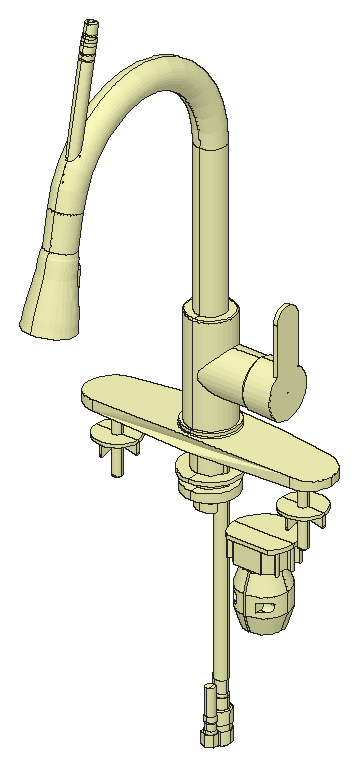
Revit family "S-6710-PD", category Plumbing Fixtures, host Face, Revit 2019
Family settings
  Host = Face
  Round Connector Dimension = Use Diameter
  Part Type = Normal
  OmniClass Number = 23.65.55.00
  OmniClass Title = Distribution of Supplied Liquids/Gases
  Cut with Voids When Loaded = No
  Shared = No
  Room Calculation Point = No
Parameters (values of type "Satin Nickel")
  zz Text 2 = "None Selected"
  zz Text 1 = "None Selected"
  zz Length 9 [instance] = 4.000"  # constant formula
  zz Length 10 [instance] = 0.000"
  URL = "http://www.symmons.com/"
  Product Page URL = "http://www.symmons.com/Bathroom-Products/Dia/Symmons-Dia-Shower-Valve-3500-CYL-B.aspx"
  Product Material = Nickel - Symmons - Satin
  Product Documentation Link = "http://www.symmons.com/~/media/Files/Symmons/Products/Dia/3500CYL_Dia_sub.pdf"
  Part Number [instance] = Model  # "3500-CYL-B-STN"
  Part Description [instance] = Description  # "Shower Valve System with Symmons Temptrol mixing valve, Satin Nickel"
  Model Disclaimer = "Contact Symmons Industries, Inc. For More Information"  # constant formula
  Model = "3500-CYL-B-STN"
  Manufacturer = "Symmons Industries, Inc."  # constant formula
  Family Version = "1.0"  # constant formula
  Equipment Number [instance] = ""
  Equipment Abbreviation = "SVS"
  Description = "Shower Valve System with Symmons Temptrol mixing valve, Satin Nickel"
  Default Elevation = 0.000"  # constant formula
  Date Modified = "January 30, 2015"  # constant formula
  Date Created = "January 30, 2015"  # constant formula
  Copyright = "©2015 Symmons Industries, Inc."  # constant formula
Types (2): name | zz Length 10 | Product Material | Part Number | Part Description | Model | Description
  Chrome | 0.100" | Chrome - Symmons - Polished | "3500-CYL-B" | "Shower Valve System with Symmons Temptrol mixing valve,Chrome" | "3500-CYL-B" | "Shower Valve System with Symmons Temptrol mixing valve,Chrome"
  Satin Nickel | 0.000" | Nickel - Symmons - Satin | "3500-CYL-B-STN" | "Shower Valve System with Symmons Temptrol mixing valve, Satin Nickel" | "3500-CYL-B-STN" | "Shower Valve System with Symmons Temptrol mixing valve, Satin Nickel"
Reference planes (in)
  plane 1 "Center (Front/Back)": y = 0
  plane 2 "Center (Elevation)": z = 0
  plane 3 "Center (Left/Right)": x = 0
  plane 4: x = -2
  plane 5: y = 3.75
  plane 6: y = -3.75
  plane 7: x = 2
  plane 8: z = 0
  plane 9: x = 0.28006
  plane 10: x = -0.28006
  plane 11: y = -5.75
Forms (in)
  Revolve 1, solid, material "Nickel - Symmons - Satin" <- "Product Material"
    sketch origin (0, 0, 0) x (0, 1, 0) y (0, 0, 1)
      loop
        line (0, -2.58752) -> (0, 11.4379) -> (-0.59279, 11.4379) -> (-0.59279, 4.98031) -> (-0.90543, 4.98031)
        arc (-0.90543, 4.98031) -> (-0.93331, 4.96877) -> (-0.94486, 4.94089) r 0.03943
        line (-0.94486, 4.94089) -> (-0.94486, 0.76772) -> (-1.08068, 0.76772) -> (-1.08068, 0.65713)
        arc (-1.08068, 0.65713) -> (-1.09461, 0.61042) -> (-1.11962, 0.56858) r 0.1963
        line (-1.11962, 0.56858) -> (-0.68866, 0.56858) -> (-0.68866, -1.05906) -> (-1.1811, -1.05906) -> (-1.1811, -1.21654) -> (-0.68866, -1.21654) -> (-0.68866, -1.57087) -> (-1.05512, -1.57087) -> (-1.05512, -1.9252) -> (-0.65345, -1.9252) -> (-0.65345, -2.0757) -> (-0.57874, -2.0757) -> (-0.57874, -2.20169) -> (-0.54727, -2.20169) -> (-0.54727, -2.58752) -> (0, -2.58752)
      axis (0, -2.58752) -> (0, 11.4379)
    angle from 0 to 360
  Revolve 2, solid, material "Nickel - Symmons - Satin" <- "Product Material"
    sketch origin (0.03125, 0, 0) x (1, 0, 0) y (0, 0, 1)
      loop
        line (-0.002, 3.81854) -> (-0.002, 2.93273) -> (3.2874, 2.93273) -> (3.2874, 3.88289) -> (2.18307, 3.88289) -> (2.18307, 3.60236) -> (2.10224, 3.60236) -> (2.10224, 3.81854) -> (-0.002, 3.81854)
      axis (-0.002, 2.88097) -> (3.2874, 2.88097)
    angle from 0 to 360
  Extrusion 3, solid, material "Nickel - Symmons - Satin" <- "Product Material"
    sketch origin (0, 0, 0) x (0, 1, 0) y (0, 0, 1)
      loop
        line (0.55118, 3.63941) -> (0.55118, 5.68898)
        arc (0.55118, 5.68898) -> (0, 6.24016) -> (-0.55118, 5.68898) r 0.55118
        line (-0.55118, 5.68898) -> (-0.55118, 3.63941)
        arc (-0.55118, 3.63941) -> (0, 3.81854) -> (0.55118, 3.63941) r 0.93757
    from 3.15736 to 3.31865
  SweptBlend 4, solid, material "Nickel - Symmons - Satin" <- "Product Material"
    path origin (0, 0, 0) x (0, 1, 0) y (0, 0, 1)
      loop
        arc (-0.59279, 11.4379) -> (-3.58407, 14.8363) -> (-7.21654, 12.13408) r 3.34139
    profile origin (0, -0.59279, 11.4379) x (0, -0.999746, 0.02254) y (1, 0, 0)
      loop
        spline (0, 0) -> (-0.02019, 0.15343) -> (-0.0794, 0.2964) -> (-0.17358, 0.41917) -> (-0.29632, 0.51337) -> (-0.43925, 0.57259) -> (-0.59264, 0.59279) -> (-0.74603, 0.57259) -> (-0.88896, 0.51337) -> (-1.0117, 0.41917) -> (-1.10588, 0.2964) -> (-1.16509, 0.15343) -> (-1.18528, 0)
        spline (-1.18528, 0) -> (-1.16509, -0.15343) -> (-1.10588, -0.2964) -> (-1.0117, -0.41917) -> (-0.88896, -0.51337) -> (-0.74603, -0.57259) -> (-0.59264, -0.59279) -> (-0.43925, -0.57259) -> (-0.29632, -0.51337) -> (-0.17358, -0.41917) -> (-0.0794, -0.2964) -> (-0.02019, -0.15343) -> (0, 0)
    end profile origin (0, -7.21654, 12.13408) x (0, 0.982585, -0.185811) y (1, 0, 0)
      loop
        spline (-1.17083, -0.00056) -> (-1.15064, -0.15399) -> (-1.09144, -0.29696) -> (-0.99725, -0.41973) -> (-0.87451, -0.51394) -> (-0.73158, -0.57316) -> (-0.57819, -0.59336) -> (-0.42481, -0.57316) -> (-0.28187, -0.51394) -> (-0.15913, -0.41973) -> (-0.06495, -0.29696) -> (-0.00574, -0.15399) -> (0.01445, -0.00056)
        spline (0.01445, -0.00056) -> (-0.00574, 0.15286) -> (-0.06495, 0.29583) -> (-0.15913, 0.4186) -> (-0.28187, 0.51281) -> (-0.42481, 0.57203) -> (-0.57819, 0.59223) -> (-0.73158, 0.57203) -> (-0.87451, 0.51281) -> (-0.99725, 0.4186) -> (-1.09144, 0.29583) -> (-1.15064, 0.15286) -> (-1.17083, -0.00056)
  Sweep 5, solid, material "Nickel - Symmons - Satin" <- "Product Material"
    path origin (0, 0, 0) x (0, 1, 0) y (0, 0, 1)
      loop
        line (-7.20235, 12.1314) -> (-7.49914, 10.73508)
    profile origin (0, -7.35074, 11.43324) x (0, 0.978148, -0.207912) y (1, 0, 0)
      loop
        spline (-0.00003, -0.00056) -> (-0.0202, 0.15284) -> (-0.0794, 0.2958) -> (-0.17359, 0.41857) -> (-0.29636, 0.51277) -> (-0.43933, 0.57199) -> (-0.59276, 0.59219) -> (-0.74619, 0.57199) -> (-0.88916, 0.51277) -> (-1.01193, 0.41857) -> (-1.10612, 0.2958) -> (-1.16532, 0.15284) -> (-1.18549, -0.00056)
        spline (-1.18549, -0.00056) -> (-1.16532, -0.15397) -> (-1.10612, -0.29693) -> (-1.01193, -0.41969) -> (-0.88916, -0.5139) -> (-0.74619, -0.57312) -> (-0.59276, -0.59332) -> (-0.43933, -0.57312) -> (-0.29636, -0.5139) -> (-0.17359, -0.41969) -> (-0.0794, -0.29693) -> (-0.0202, -0.15397) -> (-0.00003, -0.00056)
  Revolve 6, solid, material "Nickel - Symmons - Satin" <- "Product Material"
    sketch origin (0, -8.07895, 10.85832) x (0, -0.207912, -0.978148) y (0, 0.978148, -0.207912)
      loop
        line (0, 0) -> (0, -0.59273)
        spline (0, -0.59273) -> (0.25102, -0.64908) -> (0.35275, -0.67262) -> (0.49942, -0.67716) -> (0.70895, -0.68245) -> (0.99853, -0.7082) -> (1.36645, -0.76376) -> (1.76623, -0.83389) -> (2.1449, -0.8998) -> (2.45011, -0.94299) -> (2.66129, -0.95968) -> (2.80494, -0.96791) -> (2.91138, -0.98746)
        line (2.91138, -0.98746) -> (2.9682, 0) -> (0, 0)
      axis (2.9682, 0) -> (0, 0)
    angle from 0 to 360
  Extrusion 7, solid, material "Nickel - Symmons - Satin" <- "Product Material"
    sketch origin (0, -7.39346, 10.14692) x (0, -0.147809, -0.989016) y (1, 0, 0)
      loop
        line (0.2979, -0.34311) -> (1.2051, -0.34214)
        arc (1.2051, -0.34214) -> (1.54725, 0) -> (1.2051, 0.34214) r 0.34214
        line (1.2051, 0.34214) -> (0.2979, 0.34311)
        arc (0.2979, 0.34311) -> (-0.04521, 0) -> (0.2979, -0.34311) r 0.34311
    from 0 to 0.43843
  Extrusion 8, solid, material "Nickel - Symmons - Satin" <- "Product Material"
    sketch origin (0, 0, 0) x (1, 0, 0) y (0, 0, 1)
      loop
        line (-5.82432, 0) -> (5.71535, 0) -> (5.71535, 0.30355)
        arc (5.71535, 0.30355) -> (2.84669, 0.50449) -> (-0.02685, 0.61588) r 92.20912
        arc (-0.02685, 0.61588) -> (-2.92808, 0.50299) -> (-5.82432, 0.29882) r 92.21134
        line (-5.82432, 0.29882) -> (-5.82432, 0)
    from -1.77986 to 1.68526
  Extrusion 9, void
    sketch origin (0, 0, 0) x (1, 0, 0) y (0, 1, 0)
      loop
        line (-5.22514, 0) -> (-6.07432, 0) -> (-6.07432, -2.25) -> (6.17568, -2.25) -> (6.17568, 0) -> (5.22514, 0)
        arc (5.22514, 0) -> (4.93851, -0.71831) -> (4.22529, -1.01737) r 1
        spline (4.22529, -1.01737) -> (3.51697, -1.08565) -> (2.8094, -1.14152) -> (2.10258, -1.18497) -> (1.3965, -1.216) -> (0.69116, -1.23462) -> (-0.01342, -1.24083) -> (-0.71727, -1.23462) -> (-1.42036, -1.216) -> (-2.12271, -1.18497) -> (-2.82432, -1.14152) -> (-3.52518, -1.08565) -> (-4.22529, -1.01737)
        arc (-4.22529, -1.01737) -> (-4.93851, -0.71831) -> (-5.22514, 0) r 1
    from 0 to 12
  Extrusion 10, void
    sketch origin (0, 0, 0) x (1, 0, 0) y (0, 1, 0)
      loop
        arc (-5.22514, 0) -> (-4.93851, 0.71831) -> (-4.22529, 1.01737) r 1
        spline (-4.22529, 1.01737) -> (-3.52518, 1.08565) -> (-2.82432, 1.14152) -> (-2.12271, 1.18497) -> (-1.42036, 1.216) -> (-0.71727, 1.23462) -> (-0.01342, 1.24083) -> (0.69116, 1.23462) -> (1.3965, 1.216) -> (2.10258, 1.18497) -> (2.8094, 1.14152) -> (3.51697, 1.08565) -> (4.22529, 1.01737)
        arc (4.22529, 1.01737) -> (4.93851, 0.71831) -> (5.22514, 0) r 1
        line (5.22514, 0) -> (6.17568, 0) -> (6.17568, 2.25) -> (-6.07432, 2.25) -> (-6.07432, 0) -> (-5.22514, 0)
    from 0 to 12
  Revolve 11, solid, material "Nickel - Symmons - Satin" <- "Product Material"
    sketch origin (0, 0, 0) x (1, 0, 0) y (0, 0, 1)
      loop
        line (-3.80612, -1.16142) -> (-3.80612, 0.33465) -> (-4.00006, 0.33465) -> (-4.00006, -2.81496) -> (-3.84258, -2.81496) -> (-3.80612, -2.7785) -> (-3.80612, -1.58268) -> (-3.72094, -1.58268)
        arc (-3.72094, -1.58268) -> (-3.709, -1.55421) -> (-3.70493, -1.52362) r 0.11691
        line (-3.70493, -1.52362) -> (-3.70493, -1.43701) -> (-3.54337, -1.43701)
        arc (-3.54337, -1.43701) -> (-3.4348, -1.39204) -> (-3.38983, -1.28346) r 0.15354
        line (-3.38983, -1.28346) -> (-3.10636, -1.28346) -> (-3.10636, -1.16142) -> (-3.80612, -1.16142)
      axis (-4.00006, -2.81496) -> (-4.00006, 0.33465)
    angle from 0 to 360
  Extrusion 12, solid, material "Nickel - Symmons - Satin" <- "Product Material"
    sketch origin (0, 0, 0) x (1, 0, 0) y (0, 0, 1)
      loop
        line (-3.10636, -1.28346) -> (-4.89376, -1.28346) -> (-4.88651, -1.69898)
        arc (-4.88651, -1.69898) -> (-4.8748, -1.72725) -> (-4.84653, -1.73896) r 0.03998
        line (-4.84653, -1.73896) -> (-4.27919, -1.58268) -> (-3.72094, -1.58268) -> (-3.1536, -1.73896)
        arc (-3.1536, -1.73896) -> (-3.12533, -1.72725) -> (-3.11361, -1.69898) r 0.03998
        line (-3.11361, -1.69898) -> (-3.10636, -1.28346)
    from 0.05512 to -0.05512
  Extrusion 13, solid, material "Nickel - Symmons - Satin" <- "Product Material"
    sketch origin (-4.00006, -4.00006, 0) x (0, -1, 0) y (0, 0, 1)
      loop
        line (-3.10636, -1.28346) -> (-4.89376, -1.28346) -> (-4.88651, -1.69898)
        arc (-4.88651, -1.69898) -> (-4.8748, -1.72725) -> (-4.84653, -1.73896) r 0.03998
        line (-4.84653, -1.73896) -> (-4.27919, -1.58268) -> (-3.72094, -1.58268) -> (-3.1536, -1.73896)
        arc (-3.1536, -1.73896) -> (-3.12533, -1.72725) -> (-3.11361, -1.69898) r 0.03998
        line (-3.11361, -1.69898) -> (-3.10636, -1.28346)
    from 0.05512 to -0.05512
  Revolve 14, solid, material "Nickel - Symmons - Satin" <- "Product Material"
    sketch origin (0, 0, 0) x (-1, 0, 0) y (0, 0, 1)
      loop
        line (-3.80612, -1.16142) -> (-3.80612, 0.33465) -> (-4.00006, 0.33465) -> (-4.00006, -2.81496) -> (-3.84258, -2.81496) -> (-3.80612, -2.7785) -> (-3.80612, -1.58268) -> (-3.72094, -1.58268)
        arc (-3.72094, -1.58268) -> (-3.709, -1.55421) -> (-3.70493, -1.52362) r 0.11691
        line (-3.70493, -1.52362) -> (-3.70493, -1.43701) -> (-3.54337, -1.43701)
        arc (-3.54337, -1.43701) -> (-3.4348, -1.39204) -> (-3.38983, -1.28346) r 0.15354
        line (-3.38983, -1.28346) -> (-3.10636, -1.28346) -> (-3.10636, -1.16142) -> (-3.80612, -1.16142)
      axis (-4.00006, -2.81496) -> (-4.00006, 0.33465)
    angle from 0 to 360
  Extrusion 15, solid, material "Nickel - Symmons - Satin" <- "Product Material"
    sketch origin (0, 0, 0) x (-1, 0, 0) y (0, 0, -1)
      loop
        line (-3.10636, 1.28346) -> (-3.11361, 1.69898)
        arc (-3.11361, 1.69898) -> (-3.12533, 1.72725) -> (-3.1536, 1.73896) r 0.03998
        line (-3.1536, 1.73896) -> (-3.72094, 1.58268) -> (-4.27919, 1.58268) -> (-4.84653, 1.73896)
        arc (-4.84653, 1.73896) -> (-4.8748, 1.72725) -> (-4.88651, 1.69898) r 0.03998
        line (-4.88651, 1.69898) -> (-4.89376, 1.28346) -> (-3.10636, 1.28346)
    from 0.05512 to -0.05512
  Extrusion 16, solid, material "Nickel - Symmons - Satin" <- "Product Material"
    sketch origin (4.00006, -4.00006, 0) x (0, -1, 0) y (0, 0, -1)
      loop
        line (-3.10636, 1.28346) -> (-3.11361, 1.69898)
        arc (-3.11361, 1.69898) -> (-3.12533, 1.72725) -> (-3.1536, 1.73896) r 0.03998
        line (-3.1536, 1.73896) -> (-3.72094, 1.58268) -> (-4.27919, 1.58268) -> (-4.84653, 1.73896)
        arc (-4.84653, 1.73896) -> (-4.8748, 1.72725) -> (-4.88651, 1.69898) r 0.03998
        line (-4.88651, 1.69898) -> (-4.89376, 1.28346) -> (-3.10636, 1.28346)
    from 0.05512 to -0.05512
  Revolve 17, solid, material "Nickel - Symmons - Satin" <- "Product Material"
    sketch origin (0, 0, 0) x (1, 0, 0) y (0, 0, 1)
      loop
        line (0.72747, -9.0374) -> (0.72747, 1.3761) -> (0.68822, 1.41535) -> (0.47244, 1.41535) -> (0.47244, -11.55709) -> (0.72726, -11.55709) -> (0.72726, -11.46424) -> (0.85676, -11.46424) -> (0.85676, -10.96424) -> (0.81299, -10.96424) -> (0.81299, -10.71063) -> (0.85256, -10.70131) -> (0.85256, -10.20131) -> (0.8107, -10.15945) -> (0.73011, -10.15945) -> (0.73011, -9.74701) -> (0.69773, -9.71463)
        arc (0.69773, -9.71463) -> (0.71933, -9.65145) -> (0.68211, -9.59602) r 0.07515
        line (0.68211, -9.59602) -> (0.68211, -9.0374) -> (0.72747, -9.0374)
      axis (0.47244, -11.55709) -> (0.47244, 1.41535)
    angle from 0 to 360
  Revolve 18, solid, material "Nickel - Symmons - Satin" <- "Product Material"
    sketch origin (0, -8.07895, 10.85832) x (0, -0.207912, -0.978148) y (0, 0.978148, -0.207912)
      loop
        line (20.0557, 12.96516) -> (19.99022, 13.27323) -> (19.54351, 13.17828) -> (19.56389, 13.0824)
        arc (19.56389, 13.0824) -> (19.49841, 13.08752) -> (19.45404, 13.03909) r 0.07494
        line (19.45404, 13.03909) -> (19.18194, 12.98125)
        arc (19.18194, 12.98125) -> (19.15121, 12.98857) -> (19.11968, 12.98663) r 0.1073
        line (19.11968, 12.98663) -> (18.92875, 12.94604) -> (18.93569, 12.91338) -> (17.86248, 12.68526) -> (17.90037, 12.50702) -> (20.0557, 12.96516)
      axis (20.0557, 12.96516) -> (17.90037, 12.50702)
    angle from 0 to 360
  Extrusion 19, void
    sketch origin (0, 0, 0) x (1, 0, 0) y (0, 1, 0)
      loop
        circle (0, 0.43307) r 0.34978
      loop
        line (0.27191, 0.59006) -> (0, 0.74704) -> (-0.27191, 0.59006) -> (-0.27191, 0.27608) -> (0, 0.1191) -> (0.27191, 0.27608) -> (0.27191, 0.59006)
    from -11.55709 to -10.96424
  Revolve 20, solid, material "Nickel - Symmons - Satin" <- "Product Material"
    sketch origin (0.35421, -8.95565, 10.85832) x (0, -0.207912, -0.978148) y (0, 0.978148, -0.207912)
      loop
        line (20.0557, 12.96516) -> (19.99022, 13.27323) -> (19.54351, 13.17828) -> (19.56389, 13.0824)
        arc (19.56389, 13.0824) -> (19.49841, 13.08752) -> (19.45404, 13.03909) r 0.07494
        line (19.45404, 13.03909) -> (19.18194, 12.98125)
        arc (19.18194, 12.98125) -> (19.15121, 12.98857) -> (19.11968, 12.98663) r 0.1073
        line (19.11968, 12.98663) -> (18.92875, 12.94604) -> (18.93569, 12.91338) -> (17.86248, 12.68526) -> (17.90037, 12.50702) -> (20.0557, 12.96516)
      axis (20.0557, 12.96516) -> (17.90037, 12.50702)
    angle from 0 to 360
  Extrusion 21, void
    sketch origin (0.35421, -0.8767, 0) x (1, 0, 0) y (0, 1, 0)
      loop
        circle (0, 0.43307) r 0.34978
      loop
        line (0.27191, 0.59006) -> (0, 0.74704) -> (-0.27191, 0.59006) -> (-0.27191, 0.27608) -> (0, 0.1191) -> (0.27191, 0.27608) -> (0.27191, 0.59006)
    from -11.55709 to -10.96424
  Revolve 22, solid, material "Nickel - Symmons - Satin" <- "Product Material"
    sketch origin (0, 0, 0) x (1, 0, 0) y (0, 0, 1)
      loop
        line (2.29772, -2.84166) -> (2.29772, -3.86529) -> (2.96395, -3.86529) -> (2.96395, -2.99914) -> (3.56741, -2.99914) -> (3.56741, -2.84166) -> (2.29772, -2.84166)
      axis (2.29772, -3.86529) -> (2.29772, -2.84166)
    angle from 0 to 360
  Revolve 23, solid, material "Nickel - Symmons - Satin" <- "Product Material"
    sketch origin (0, 0, 0) x (1, 0, 0) y (0, 0, 1)
      loop
        line (2.29772, -6.32592) -> (3.07528, -6.32592) -> (3.31806, -5.5794) -> (3.31806, -4.76997) -> (3.07528, -4.02277) -> (2.29772, -4.02277) -> (2.29772, -6.32592)
      axis (2.29772, -6.32592) -> (2.29772, -4.02277)
    angle from 0 to 360
  Extrusion 24, void
    sketch origin (0, 0, 0) x (1, 0, 0) y (0, 0, 1)
      loop
        line (2.33709, -6.38842) -> (2.33709, -3.96027) -> (2.25835, -3.96027) -> (2.25835, -6.38842) -> (2.33709, -6.38842)
    from -1.52666 to 1.68895
  Extrusion 25, void
    sketch origin (0, -8.07895, 10.85832) x (0, 0.207912, 0.978148) y (0, 0.978148, -0.207912)
      loop
        line (-14.00092, 12.19051) -> (-14.04781, 11.96989)
        arc (-14.04781, 11.96989) -> (-13.89619, 11.73641) -> (-13.66271, 11.88803) r 0.19685
        line (-13.66271, 11.88803) -> (-13.61582, 12.10865) -> (-14.00092, 12.19051)
      loop
        line (-14.38938, 10.36291) -> (-14.00429, 10.28106) -> (-13.95739, 10.50168)
        arc (-13.95739, 10.50168) -> (-14.10901, 10.73516) -> (-14.34249, 10.58353) r 0.19685
        line (-14.34249, 10.58353) -> (-14.38938, 10.36291)
    from -1.90402 to -1.18813
  Extrusion 26, void
    sketch origin (0, -8.07895, 10.85832) x (0, 0.207912, 0.978148) y (0, 0.978148, -0.207912)
      loop
        line (-14.00092, 12.19051) -> (-14.04781, 11.96989)
        arc (-14.04781, 11.96989) -> (-13.89619, 11.73641) -> (-13.66271, 11.88803) r 0.19685
        line (-13.66271, 11.88803) -> (-13.61582, 12.10865) -> (-14.00092, 12.19051)
      loop
        line (-14.38938, 10.36291) -> (-14.00429, 10.28106) -> (-13.95739, 10.50168)
        arc (-13.95739, 10.50168) -> (-14.10901, 10.73516) -> (-14.34249, 10.58353) r 0.19685
        line (-14.34249, 10.58353) -> (-14.38938, 10.36291)
    from -3.40732 to -2.69142
  Extrusion 27, void
    sketch origin (0, 0, 0) x (1, 0, 0) y (0, 1, 0)
      loop
        line (3.40556, -0.90157) -> (1.18989, -0.90157)
        arc (1.18989, -0.90157) -> (2.29772, -1.55094) -> (3.40556, -0.90157) r 1.26969
    from -3.86529 to -2.58752
  Extrusion 28, solid, material "Nickel - Symmons - Satin" <- "Product Material"
    sketch origin (0, 0, 0) x (1, 0, 0) y (0, 1, 0)
      loop
        line (2.35678, 1.02887) -> (2.35678, 1.21201)
        arc (2.35678, 1.21201) -> (2.29772, 1.27107) -> (2.23867, 1.21201) r 0.05906
        line (2.23867, 1.21201) -> (2.23867, 1.0296)
        arc (2.23867, 1.0296) -> (2.03157, 0.9978) -> (1.83511, 0.92494) r 1.03479
        line (1.83511, 0.92494) -> (1.74393, 1.08287)
        arc (1.74393, 1.08287) -> (1.66326, 1.10449) -> (1.64164, 1.02382) r 0.05906
        line (1.64164, 1.02382) -> (1.73224, 0.86689)
        arc (1.73224, 0.86689) -> (1.56495, 0.73314) -> (1.42879, 0.5678) r 1.03479
        line (1.42879, 0.5678) -> (1.27245, 0.65639)
        arc (1.27245, 0.65639) -> (1.19195, 0.63412) -> (1.21422, 0.55363) r 0.05906
        line (1.21422, 0.55363) -> (1.36926, 0.46578)
        arc (1.36926, 0.46578) -> (1.29299, 0.26834) -> (1.2585, 0.05952) r 1.03479
        line (1.2585, 0.05952) -> (1.08268, 0.05952)
        arc (1.08268, 0.05952) -> (1.02411, -0.00001) -> (1.08364, -0.05859) r 0.05906
        line (1.08364, -0.05859) -> (1.258, -0.05859)
        arc (1.258, -0.05859) -> (1.291, -0.26863) -> (1.36624, -0.46749) r 1.03479
        line (1.36624, -0.46749) -> (1.21422, -0.55363)
        arc (1.21422, -0.55363) -> (1.19195, -0.63412) -> (1.27245, -0.65639) r 0.05906
        line (1.27245, -0.65639) -> (1.4251, -0.56989)
        arc (1.4251, -0.56989) -> (1.5612, -0.73711) -> (1.729, -0.8725) r 1.03479
        line (1.729, -0.8725) -> (1.64164, -1.02382)
        arc (1.64164, -1.02382) -> (1.66326, -1.10449) -> (1.74393, -1.08287) r 0.05906
        line (1.74393, -1.08287) -> (1.83165, -0.93092)
        arc (1.83165, -0.93092) -> (2.0297, -1.00501) -> (2.23867, -1.03729) r 1.03479
        line (2.23867, -1.03729) -> (2.23867, -1.21201)
        arc (2.23867, -1.21201) -> (2.29772, -1.27107) -> (2.35678, -1.21201) r 0.05906
        line (2.35678, -1.21201) -> (2.35678, -1.03656)
        arc (2.35678, -1.03656) -> (2.56451, -1.00193) -> (2.76092, -0.92595) r 1.03479
        line (2.76092, -0.92595) -> (2.85152, -1.08287)
        arc (2.85152, -1.08287) -> (2.93219, -1.10449) -> (2.95381, -1.02382) r 0.05906
        line (2.95381, -1.02382) -> (2.86294, -0.86643)
        arc (2.86294, -0.86643) -> (3.02761, -0.73096) -> (3.16101, -0.5646) r 1.03479
        line (3.16101, -0.5646) -> (3.323, -0.65639)
        arc (3.323, -0.65639) -> (3.40349, -0.63412) -> (3.38123, -0.55363) r 0.05906
        line (3.38123, -0.55363) -> (3.21925, -0.46185)
        arc (3.21925, -0.46185) -> (3.29248, -0.26558) -> (3.32467, -0.05859) r 1.03479
        line (3.32467, -0.05859) -> (3.49904, -0.05859)
        arc (3.49904, -0.05859) -> (3.55857, -0.00001) -> (3.49999, 0.05952) r 0.05906
        line (3.49999, 0.05952) -> (3.32418, 0.05952)
        arc (3.32418, 0.05952) -> (3.29051, 0.2653) -> (3.21626, 0.46015) r 1.03479
        line (3.21626, 0.46015) -> (3.38123, 0.55363)
        arc (3.38123, 0.55363) -> (3.40349, 0.63412) -> (3.323, 0.65639) r 0.05906
        line (3.323, 0.65639) -> (3.15736, 0.56253)
        arc (3.15736, 0.56253) -> (3.02389, 0.72701) -> (2.85972, 0.86086) r 1.03479
        line (2.85972, 0.86086) -> (2.95381, 1.02382)
        arc (2.95381, 1.02382) -> (2.93219, 1.10449) -> (2.85152, 1.08287) r 0.05906
        line (2.85152, 1.08287) -> (2.75748, 0.92)
        arc (2.75748, 0.92) -> (2.56265, 0.99474) -> (2.35678, 1.02887) r 1.03479
      loop
        circle (2.29134, -0.00385) r 0.78501
    from -3.86529 to -2.99914
  Revolve 29, solid, material "Nickel - Symmons - Satin" <- "Product Material"
    sketch origin (0, -6.38826, 18.84072) x (0, -0.207912, -0.978148) y (0, 0.978148, -0.207912)
      loop
        line (0, 0) -> (0, -0.15748)
        arc (0, -0.15748) -> (0.01173, -0.19278) -> (0.04224, -0.21404) r 0.05898
        line (0.04224, -0.21404) -> (0.41127, -0.21404)
        arc (0.41127, -0.21404) -> (0.43091, -0.2239) -> (0.45276, -0.22638) r 0.06264
        line (0.45276, -0.22638) -> (0.45276, -0.18663) -> (0.58661, -0.18663) -> (0.58661, -0.24999) -> (0.67951, -0.24999)
        arc (0.67951, -0.24999) -> (0.74308, -0.25908) -> (0.80664, -0.24999) r 0.22681
        line (0.80664, -0.24999) -> (1.07816, -0.24999) -> (1.14591, -0.25687) -> (1.3189, -0.25687) -> (1.34671, -0.2427) -> (5.96457, -0.2427) -> (5.96457, -0.27678) -> (6.12728, -0.27678)
        arc (6.12728, -0.27678) -> (6.14892, -0.2636) -> (6.15986, -0.24076) r 0.04452
        line (6.15986, -0.24076) -> (6.46442, -0.24076)
        arc (6.46442, -0.24076) -> (6.48044, -0.25177) -> (6.49949, -0.25564) r 0.04876
        line (6.49949, -0.25564) -> (6.56219, -0.25564)
        arc (6.56219, -0.25564) -> (6.58408, -0.25071) -> (6.60173, -0.23685) r 0.051
        line (6.60173, -0.23685) -> (6.65354, -0.23685) -> (6.65354, -0.14401) -> (7.02756, -0.14401) -> (7.02756, 0) -> (0, 0)
      axis (7.02756, 0) -> (0, 0)
    angle from 0 to 360
Cuts and joins
  Extrusion 19 cuts Revolve 2
  Extrusion 19 cuts Extrusion 3
  Extrusion 9, Extrusion 10, Extrusion 19, Extrusion 27 cuts Extrusion 8
  joined: Revolve 1, Revolve 2, Extrusion 3, Extrusion 8, Revolve 11, Revolve 14
  Extrusion 19 cuts SweptBlend 4
  Extrusion 19, Extrusion 21 cuts Revolve 18
  Extrusion 21 cuts Revolve 17
  Extrusion 21 cuts Revolve 20
  Extrusion 24, Extrusion 25, Extrusion 26 cuts Revolve 23
  Extrusion 27 cuts Revolve 22
  Extrusion 27 cuts Extrusion 28
  joined: Sweep 5, Revolve 6, Revolve 29
Lines and regions (in)
  reference lines
    curve 1: line (0, -8.07895, 10.85832) -> (0, -8.70268, 7.92388)
    curve 2: line (0, -7.39346, 10.14692) -> (0, -7.61913, 8.6369)
    curve 3: line (0, -6.38826, 18.84072) -> (0, -8.15551, 10.52647)
Dimensions and locks (in)
  equal spacing: plane 4, plane 3 "Center (Left/Right)", plane 7
  "zz Length 9": plane 4 to plane 7
  equal spacing: plane 5, plane 1 "Center (Front/Back)", plane 6
  locked: plane 5 to plane 6 at 7.5
  equal spacing: plane 10, plane 3 "Center (Left/Right)", plane 9
  locked: plane 10 to plane 9 at 0.56011
  locked: plane 6 to plane 11 at 2
  aligned and locked: plane 2 "Center (Elevation)" to host face
  aligned and locked: level to host face
Automatic sketch dimensions
  host sketch curve to host sketch curve = 4.000"  (x2)
  Revolve 1 sketch curve to plane 1 "Center (Front/Back)" = 0.000"  (x2)
  plane 1 "Center (Front/Back)" to Revolve 1 sketch curve = 0.54727"
  Revolve 1 sketch curve to Revolve 1 sketch curve = 0.03147"
  plane 1 "Center (Front/Back)" to Revolve 1 sketch curve = 0.59279"
  Revolve 1 sketch curve to Revolve 1 sketch curve = 0.07471"
  plane 1 "Center (Front/Back)" to Revolve 1 sketch curve = 0.68866"
  Revolve 1 sketch curve to Revolve 1 sketch curve = 0.03521"
  Revolve 1 sketch curve to Revolve 1 sketch curve = 0.31264"
  Revolve 1 sketch curve to Revolve 1 sketch curve = 0.2562"
  Revolve 1 sketch curve to Revolve 1 sketch curve = 0.36646"
  Revolve 1 sketch curve to Revolve 1 sketch curve = 0.13582"
  Revolve 1 sketch curve to Revolve 1 sketch curve = 0.03894"
  Revolve 1 sketch curve to Revolve 1 sketch curve = 0.12598"  (x2)
  Revolve 1 sketch curve to Revolve 1 sketch curve = 0.15468"
  Revolve 1 sketch curve to level = 2.58752"
  Revolve 1 sketch curve to Revolve 1 sketch curve = 0.38583"
  Revolve 1 sketch curve to Revolve 1 sketch curve = 0.15051"
  Revolve 1 sketch curve to Revolve 1 sketch curve = 0.35433"  (x2)
  Revolve 1 sketch curve to Revolve 1 sketch curve = 0.15748"
  level to Revolve 1 sketch curve = 0.56858"
  Revolve 1 sketch curve to Revolve 1 sketch curve = 0.08855"
  Revolve 1 sketch curve to Revolve 1 sketch curve = 0.11059"
  Revolve 1 sketch curve to Revolve 1 sketch curve = 4.17317"
  Revolve 1 sketch curve to Revolve 1 sketch curve = 6.45758"
  Revolve 1 sketch curve to Revolve 1 sketch curve = 0.750"
  Revolve 1 sketch curve to Revolve 1 sketch curve = 3.750"
  plane 3 "Center (Left/Right)" to Revolve 2 sketch curve = 0.02925"
  plane 7 to Revolve 2 sketch curve = 0.13349"
  Revolve 2 sketch curve to Revolve 2 sketch curve = 0.08083"
  Revolve 2 sketch curve to Revolve 2 sketch curve = 1.10433"
  level to Revolve 2 sketch curve = 2.93273"
  Revolve 2 sketch curve to Revolve 2 sketch curve = 0.66963"
  Revolve 2 sketch curve to Revolve 2 sketch curve = 0.21618"
  Revolve 2 sketch curve to Revolve 2 sketch curve = 0.95016"
  Revolve 2 sketch curve to Revolve 2 sketch curve = 0.250"
  Revolve 2 sketch curve to Revolve 2 sketch curve = 0.87545"
  Revolve 2 sketch curve to Revolve 2 sketch curve = 0.05176"
  Extrusion 3 sketch curve to plane 1 "Center (Front/Back)" = 0.000"  (x2)
  plane 1 "Center (Front/Back)" to Extrusion 3 sketch curve = 0.55118"
  level to Extrusion 3 sketch curve = 2.88097"
  Extrusion 3 sketch curve to Extrusion 3 sketch curve = 0.75844"
  Extrusion 3 sketch curve to Extrusion 3 sketch curve = 2.04956"
  SweptBlend 4 sketch curve to plane 6 = 0.18334"
  level to SweptBlend 4 sketch curve = 11.51321"
  SweptBlend 4 sketch curve to plane 11 = 1.46654"
  plane 1 "Center (Front/Back)" to SweptBlend 4 sketch curve = 0.59279"
  SweptBlend 4 sketch curve to SweptBlend 4 sketch curve = 0.07532"
  SweptBlend 4 sketch curve to profile plane = 0.000"  (x2)
  SweptBlend 4 sketch curve to SweptBlend 4 sketch curve = 0.59264"
  profile plane to SweptBlend 4 sketch curve = 0.59279"
  SweptBlend 4 sketch curve to SweptBlend 4 sketch curve = 0.000"  (x2)
  SweptBlend 4 sketch curve to profile plane = 0.00056"
  profile plane to SweptBlend 4 sketch curve = 1.17083"
  profile plane to SweptBlend 4 sketch curve = 0.57819"
  profile plane to SweptBlend 4 sketch curve = 0.59223"
  Sweep 5 sketch curve to plane 11 = 1.74914"
  level to Sweep 5 sketch curve = 10.73508"
  Sweep 5 sketch curve to Sweep 5 sketch curve = 0.2968"
  Sweep 5 sketch curve to Sweep 5 sketch curve = 1.39632"
  Sweep 5 sketch curve to plane 3 "Center (Left/Right)" = 0.00056"  (x2)
  profile plane to Sweep 5 sketch curve = 1.18549"
  profile plane to Sweep 5 sketch curve = 0.59276"
  Sweep 5 sketch curve to Sweep 5 sketch curve = 0.000"
  Sweep 5 sketch curve to plane 3 "Center (Left/Right)" = 0.00071"
  Sweep 5 sketch curve to Sweep 5 sketch curve = 0.59232"
  Sweep 5 sketch curve to Sweep 5 sketch curve = 0.00029"
  curve 1 to plane 11 = 2.95268"
  level to curve 1 = 7.92388"
  curve 1 to plane 11 = 2.32895"
  curve 1 to curve 1 = 2.93444"
  curve 1 to Revolve 6 sketch curve = 0.000"
  Revolve 6 sketch curve to curve 1 = 0.000"  (x2)
  Revolve 6 sketch curve to curve 1 = 0.59273"
  Revolve 6 sketch curve to curve 1 = 0.08862"
  Revolve 6 sketch curve to curve 1 = 0.0318"
  Revolve 6 sketch curve to curve 1 = 0.98746"
  Revolve 6 sketch curve to curve 1 = 0.56629"
  curve 1 to Revolve 6 sketch curve = 0.10036"
  curve 2 to Extrusion 7 sketch curve = 0.2979"
  Extrusion 7 sketch curve to curve 2 = 0.32169"
  Extrusion 7 sketch curve to curve 2 = 0.34311"
  Extrusion 7 sketch curve to curve 2 = 0.34214"
  Extrusion 7 sketch curve to curve 2 = 0.000"  (x2)
  Extrusion 8 sketch curve to level = 0.000"
  Extrusion 8 sketch curve to plane 4 = 3.82432"
  Extrusion 8 sketch curve to plane 4 = 0.16123"
  plane 7 to Extrusion 8 sketch curve = 0.10733"
  level to Extrusion 8 sketch curve = 0.30355"
  plane 7 to Extrusion 8 sketch curve = 3.71535"
  Extrusion 8 sketch curve to level = 91.56854"
  Extrusion 8 sketch curve to Extrusion 8 sketch curve = 0.00223"
  Extrusion 8 sketch curve to Extrusion 8 sketch curve = 0.29882"
  plane 1 "Center (Front/Back)" to Extrusion 9 sketch curve = 0.000"  (x2)
  Extrusion 9 sketch curve to plane 4 = 4.07432"
  Extrusion 9 sketch curve to Extrusion 9 sketch curve = 0.84918"
  Extrusion 9 sketch curve to Extrusion 9 sketch curve = 0.99985"  (x2)
  plane 1 "Center (Front/Back)" to Extrusion 9 sketch curve = 1.01737"
  plane 7 to Extrusion 9 sketch curve = 2.22529"
  Extrusion 9 sketch curve to Extrusion 9 sketch curve = 1.95039"
  plane 6 to Extrusion 9 sketch curve = 1.500"
  plane 1 "Center (Front/Back)" to Extrusion 10 sketch curve = 0.000"  (x2)
  Extrusion 10 sketch curve to plane 4 = 4.07432"
  Extrusion 10 sketch curve to Extrusion 10 sketch curve = 0.84918"
  Extrusion 10 sketch curve to Extrusion 10 sketch curve = 0.99985"  (x2)
  Extrusion 10 sketch curve to plane 1 "Center (Front/Back)" = 1.01737"
  plane 7 to Extrusion 10 sketch curve = 2.22529"
  Extrusion 10 sketch curve to Extrusion 10 sketch curve = 1.95039"
  Extrusion 10 sketch curve to plane 5 = 1.500"
  level to Revolve 11 sketch curve = 0.33465"
  Revolve 11 sketch curve to plane 4 = 2.00006"
  Revolve 11 sketch curve to Revolve 11 sketch curve = 0.15748"
  Revolve 11 sketch curve to Revolve 11 sketch curve = 0.02075"
  Revolve 11 sketch curve to Revolve 11 sketch curve = 0.01571"  (x2)
  Revolve 11 sketch curve to Revolve 11 sketch curve = 0.08518"
  Revolve 11 sketch curve to Revolve 11 sketch curve = 0.01601"
  Revolve 11 sketch curve to Revolve 11 sketch curve = 0.16156"
  Revolve 11 sketch curve to Revolve 11 sketch curve = 0.15354"
  Revolve 11 sketch curve to Revolve 11 sketch curve = 0.28346"
  Revolve 11 sketch curve to level = 1.16142"
  Revolve 11 sketch curve to Revolve 11 sketch curve = 0.12205"
  Revolve 11 sketch curve to Revolve 11 sketch curve = 0.08661"
  Revolve 11 sketch curve to Revolve 11 sketch curve = 1.19582"
  Revolve 11 sketch curve to Revolve 11 sketch curve = 0.03646"
  Revolve 11 sketch curve to Revolve 11 sketch curve = 0.000"
  level to Revolve 11 sketch curve = 0.1378"
  Revolve 11 sketch curve to Revolve 11 sketch curve = 0.24531"
  Extrusion 12 sketch curve to level = 1.28346"
  Extrusion 12 sketch curve to plane 4 = 2.89376"
  Extrusion 12 sketch curve to Extrusion 12 sketch curve = 0.00725"  (x2)
  Extrusion 12 sketch curve to level = 1.73896"
  Extrusion 12 sketch curve to Extrusion 12 sketch curve = 0.03998"  (x2)
  Extrusion 12 sketch curve to Extrusion 12 sketch curve = 0.56734"  (x2)
  Extrusion 12 sketch curve to Extrusion 12 sketch curve = 0.55825"
  Extrusion 12 sketch curve to Extrusion 12 sketch curve = 0.45549"
  Extrusion 12 sketch curve to Extrusion 12 sketch curve = 0.1163"
  Extrusion 13 sketch curve to plane 1 "Center (Front/Back)" = 0.8937"
  Extrusion 13 sketch curve to Extrusion 13 sketch curve = 0.00725"  (x2)
  Extrusion 13 sketch curve to Extrusion 13 sketch curve = 0.03998"  (x2)
  Extrusion 13 sketch curve to plane 1 "Center (Front/Back)" = 0.27912"
  plane 1 "Center (Front/Back)" to Extrusion 13 sketch curve = 0.27912"
  Extrusion 13 sketch curve to Extrusion 13 sketch curve = 0.56734"
  Extrusion 13 sketch curve to level = 1.73896"
  Extrusion 13 sketch curve to Extrusion 13 sketch curve = 0.000"
  Extrusion 13 sketch curve to Extrusion 13 sketch curve = 0.1163"
  Extrusion 13 sketch curve to Extrusion 13 sketch curve = 0.41551"
  Revolve 14 sketch curve to level = 0.33465"
  Revolve 14 sketch curve to plane 7 = 2.00006"
  Revolve 14 sketch curve to Revolve 14 sketch curve = 0.15748"
  Revolve 14 sketch curve to Revolve 14 sketch curve = 0.02075"
  Revolve 14 sketch curve to Revolve 14 sketch curve = 0.01571"  (x2)
  Revolve 14 sketch curve to Revolve 14 sketch curve = 0.08518"
  Revolve 14 sketch curve to Revolve 14 sketch curve = 0.01601"
  Revolve 14 sketch curve to Revolve 14 sketch curve = 0.16156"
  Revolve 14 sketch curve to Revolve 14 sketch curve = 0.15354"
  Revolve 14 sketch curve to Revolve 14 sketch curve = 0.28346"
  level to Revolve 14 sketch curve = 1.16142"
  Revolve 14 sketch curve to Revolve 14 sketch curve = 0.12205"
  Revolve 14 sketch curve to Revolve 14 sketch curve = 0.08661"
  Revolve 14 sketch curve to Revolve 14 sketch curve = 1.19582"
  Revolve 14 sketch curve to Revolve 14 sketch curve = 0.03646"
  Revolve 14 sketch curve to Revolve 14 sketch curve = 0.000"
  Revolve 14 sketch curve to level = 0.1378"
  Revolve 14 sketch curve to Revolve 14 sketch curve = 0.24531"
  level to Extrusion 15 sketch curve = 1.28346"
  Extrusion 15 sketch curve to plane 7 = 2.89376"
  Extrusion 15 sketch curve to Extrusion 15 sketch curve = 0.00725"  (x2)
  level to Extrusion 15 sketch curve = 1.73896"
  Extrusion 15 sketch curve to Extrusion 15 sketch curve = 0.03998"  (x2)
  Extrusion 15 sketch curve to Extrusion 15 sketch curve = 0.56734"  (x2)
  Extrusion 15 sketch curve to Extrusion 15 sketch curve = 0.55825"
  Extrusion 15 sketch curve to Extrusion 15 sketch curve = 0.45549"
  Extrusion 15 sketch curve to Extrusion 15 sketch curve = 0.1163"
  Extrusion 16 sketch curve to plane 1 "Center (Front/Back)" = 0.8937"
  Extrusion 16 sketch curve to Extrusion 16 sketch curve = 0.00725"  (x2)
  Extrusion 16 sketch curve to Extrusion 16 sketch curve = 0.03998"  (x2)
  Extrusion 16 sketch curve to plane 1 "Center (Front/Back)" = 0.27912"
  plane 1 "Center (Front/Back)" to Extrusion 16 sketch curve = 0.27912"
  Extrusion 16 sketch curve to Extrusion 16 sketch curve = 0.56734"
  Extrusion 16 sketch curve to level = 1.28346"
  Extrusion 16 sketch curve to Extrusion 16 sketch curve = 0.29921"
  Extrusion 16 sketch curve to Extrusion 16 sketch curve = 0.41551"  (x2)
  plane 9 to Revolve 17 sketch curve = 0.19239"  (x2)
  plane 9 to Revolve 17 sketch curve = 0.36477"
  plane 9 to Revolve 17 sketch curve = 0.40205"
  Revolve 17 sketch curve to Revolve 17 sketch curve = 0.21578"
  Revolve 17 sketch curve to Revolve 17 sketch curve = 0.0529"
  Revolve 17 sketch curve to Revolve 17 sketch curve = 0.25482"
  Revolve 17 sketch curve to Revolve 17 sketch curve = 0.04537"
  Revolve 17 sketch curve to Revolve 17 sketch curve = 0.03238"  (x2)
  Revolve 17 sketch curve to Revolve 17 sketch curve = 0.08059"
  Revolve 17 sketch curve to Revolve 17 sketch curve = 0.08573"
  Revolve 17 sketch curve to Revolve 17 sketch curve = 0.03957"
  Revolve 17 sketch curve to Revolve 17 sketch curve = 0.12949"
  Revolve 17 sketch curve to level = 11.55709"
  Revolve 17 sketch curve to Revolve 17 sketch curve = 0.09285"
  Revolve 17 sketch curve to Revolve 17 sketch curve = 0.500"  (x2)
  Revolve 17 sketch curve to Revolve 17 sketch curve = 0.25361"
  Revolve 17 sketch curve to Revolve 17 sketch curve = 0.00932"
  Revolve 17 sketch curve to Revolve 17 sketch curve = 0.04186"
  Revolve 17 sketch curve to Revolve 17 sketch curve = 0.41244"
  Revolve 17 sketch curve to Revolve 17 sketch curve = 0.05337"
  Revolve 17 sketch curve to Revolve 17 sketch curve = 0.55861"
  level to Revolve 17 sketch curve = 1.3761"
  Revolve 17 sketch curve to Revolve 17 sketch curve = 0.03925"
  Revolve 17 sketch curve to Revolve 17 sketch curve = 0.31496"
  Revolve 17 sketch curve to Revolve 17 sketch curve = 0.97441"
  curve 1 to Revolve 18 sketch curve = 14.86248"
  Revolve 18 sketch curve to curve 1 = 12.50702"
  Revolve 18 sketch curve to Revolve 18 sketch curve = 0.03788"
  Revolve 18 sketch curve to Revolve 18 sketch curve = 1.06627"
  Revolve 18 sketch curve to curve 1 = 12.91338"
  Revolve 18 sketch curve to Revolve 18 sketch curve = 0.00694"
  Revolve 18 sketch curve to curve 1 = 12.98663"
  Revolve 18 sketch curve to Revolve 18 sketch curve = 0.02231"
  Revolve 18 sketch curve to curve 1 = 12.98125"
  Revolve 18 sketch curve to Revolve 18 sketch curve = 0.06227"
  Revolve 18 sketch curve to Revolve 18 sketch curve = 0.2721"
  Revolve 18 sketch curve to Revolve 18 sketch curve = 0.07185"
  Revolve 18 sketch curve to Revolve 18 sketch curve = 0.01761"
  Revolve 18 sketch curve to curve 1 = 13.0824"
  Revolve 18 sketch curve to Revolve 18 sketch curve = 0.03799"
  Revolve 18 sketch curve to curve 1 = 13.27323"
  Revolve 18 sketch curve to Revolve 18 sketch curve = 0.0646"
  Revolve 18 sketch curve to Revolve 18 sketch curve = 0.15812"
  Revolve 18 sketch curve to Revolve 18 sketch curve = 0.08642"
  Revolve 18 sketch curve to Revolve 18 sketch curve = 0.03361"
  Revolve 18 sketch curve to Revolve 18 sketch curve = 0.01837"
  Extrusion 19 sketch curve to plane 3 "Center (Left/Right)" = 0.000"  (x3)
  plane 10 to Extrusion 19 sketch curve = 0.00815"
  Extrusion 19 sketch curve to plane 9 = 0.00815"
  Extrusion 19 sketch curve to plane 1 "Center (Front/Back)" = 0.1191"
  Extrusion 19 sketch curve to plane 1 "Center (Front/Back)" = 0.27608"  (x2)
  Extrusion 19 sketch curve to Extrusion 19 sketch curve = 0.15699"  (x3)
  Extrusion 19 sketch curve to Extrusion 19 sketch curve = 0.31397"
  plane 1 "Center (Front/Back)" to Revolve 20 sketch curve = 0.26141"
  Revolve 20 sketch curve to level = 9.25124"
  Revolve 20 sketch curve to Revolve 20 sketch curve = 0.03788"
  Revolve 20 sketch curve to Revolve 20 sketch curve = 1.06627"
  Revolve 20 sketch curve to Revolve 20 sketch curve = 0.00694"
  Revolve 20 sketch curve to Revolve 20 sketch curve = 0.19092"
  Revolve 20 sketch curve to Revolve 20 sketch curve = 0.02231"
  Revolve 20 sketch curve to Revolve 20 sketch curve = 0.06227"
  Revolve 20 sketch curve to Revolve 20 sketch curve = 0.2721"
  Revolve 20 sketch curve to Revolve 20 sketch curve = 0.07185"
  Revolve 20 sketch curve to Revolve 20 sketch curve = 0.01761"
  Revolve 20 sketch curve to Revolve 20 sketch curve = 0.03799"
  Revolve 20 sketch curve to Revolve 20 sketch curve = 0.44671"
  Revolve 20 sketch curve to Revolve 20 sketch curve = 0.06548"
  Revolve 20 sketch curve to Revolve 20 sketch curve = 0.17823"
  Revolve 20 sketch curve to Revolve 20 sketch curve = 0.10495"
  Revolve 20 sketch curve to Revolve 20 sketch curve = 0.0646"
  Revolve 20 sketch curve to Revolve 20 sketch curve = 0.15812"
  Revolve 20 sketch curve to Revolve 20 sketch curve = 0.08642"
  Revolve 20 sketch curve to Revolve 20 sketch curve = 0.01837"
  Revolve 20 sketch curve to Revolve 20 sketch curve = 0.03361"
  plane 3 "Center (Left/Right)" to Extrusion 21 sketch curve = 0.0823"
  plane 9 to Extrusion 21 sketch curve = 0.07416"  (x3)
  Extrusion 21 sketch curve to Extrusion 21 sketch curve = 0.27191"
  plane 1 "Center (Front/Back)" to Extrusion 21 sketch curve = 0.7576"
  Extrusion 21 sketch curve to Extrusion 21 sketch curve = 0.15699"  (x3)
  plane 1 "Center (Front/Back)" to Extrusion 21 sketch curve = 0.28664"  (x2)
  plane 1 "Center (Front/Back)" to Extrusion 21 sketch curve = 0.12966"
  plane 7 to Revolve 22 sketch curve = 0.29772"
  Revolve 22 sketch curve to Revolve 22 sketch curve = 0.66622"
  Revolve 22 sketch curve to Revolve 22 sketch curve = 0.60346"
  Revolve 22 sketch curve to level = 3.86529"
  Revolve 22 sketch curve to Revolve 22 sketch curve = 0.86614"
  Revolve 22 sketch curve to Revolve 22 sketch curve = 0.15748"
  Revolve 22 sketch curve to Revolve 22 sketch curve = 0.000"
  Revolve 22 sketch curve to Revolve 22 sketch curve = 0.08916"
  Revolve 22 sketch curve to Revolve 22 sketch curve = 0.24139"
  plane 7 to Revolve 23 sketch curve = 0.29772"  (x2)
  Revolve 23 sketch curve to Revolve 23 sketch curve = 0.77756"  (x2)
  Revolve 23 sketch curve to Revolve 23 sketch curve = 0.24278"
  Revolve 23 sketch curve to level = 6.32592"
  Revolve 23 sketch curve to Revolve 23 sketch curve = 0.74651"
  Revolve 23 sketch curve to Revolve 23 sketch curve = 0.80943"
  Revolve 23 sketch curve to Revolve 23 sketch curve = 0.74721"
  Revolve 23 sketch curve to Revolve 23 sketch curve = 0.31496"
  Revolve 23 sketch curve to Revolve 23 sketch curve = 0.43504"
  Extrusion 24 sketch curve to level = 6.38842"
  plane 7 to Extrusion 24 sketch curve = 0.25835"
  Extrusion 24 sketch curve to Extrusion 24 sketch curve = 0.07874"
  Extrusion 24 sketch curve to Extrusion 24 sketch curve = 2.42815"
  Extrusion 25 sketch curve to curve 1 = 11.38938"
  Extrusion 25 sketch curve to Extrusion 25 sketch curve = 0.04689"  (x3)
  Extrusion 25 sketch curve to Extrusion 25 sketch curve = 0.19255"  (x4)
  Extrusion 25 sketch curve to Extrusion 25 sketch curve = 0.29468"
  Extrusion 25 sketch curve to Extrusion 25 sketch curve = 0.14565"
  curve 1 to Extrusion 25 sketch curve = 10.50168"
  Extrusion 25 sketch curve to Extrusion 25 sketch curve = 0.13876"
  Extrusion 25 sketch curve to Extrusion 25 sketch curve = 1.38635"
  Extrusion 25 sketch curve to Extrusion 25 sketch curve = 0.04093"
  Extrusion 26 sketch curve to curve 1 = 11.38938"
  Extrusion 26 sketch curve to Extrusion 26 sketch curve = 0.04689"  (x3)
  Extrusion 26 sketch curve to Extrusion 26 sketch curve = 0.19255"  (x4)
  Extrusion 26 sketch curve to Extrusion 26 sketch curve = 0.29468"
  Extrusion 26 sketch curve to Extrusion 26 sketch curve = 0.14565"
  curve 1 to Extrusion 26 sketch curve = 10.50168"
  Extrusion 26 sketch curve to Extrusion 26 sketch curve = 0.13876"
  Extrusion 26 sketch curve to Extrusion 26 sketch curve = 1.38635"
  Extrusion 26 sketch curve to Extrusion 26 sketch curve = 0.04093"
  plane 7 to Extrusion 27 sketch curve = 0.29772"
  Extrusion 27 sketch curve to plane 7 = 0.81011"
  plane 1 "Center (Front/Back)" to Extrusion 27 sketch curve = 0.28125"
  plane 1 "Center (Front/Back)" to Extrusion 27 sketch curve = 0.90157"
  Extrusion 28 sketch curve to Extrusion 28 sketch curve = 0.000"  (x24)
  Extrusion 28 sketch curve to plane 1 "Center (Front/Back)" = 0.05952"
  Extrusion 28 sketch curve to plane 1 "Center (Front/Back)" = 0.00047"  (x2)
  Extrusion 28 sketch curve to Extrusion 28 sketch curve = 0.00048"  (x3)
  plane 1 "Center (Front/Back)" to Extrusion 28 sketch curve = 0.05859"  (x2)
  Extrusion 28 sketch curve to Extrusion 28 sketch curve = 0.13154"
  Extrusion 28 sketch curve to Extrusion 28 sketch curve = 0.13058"
  Extrusion 28 sketch curve to Extrusion 28 sketch curve = 0.02911"  (x8)
  Extrusion 28 sketch curve to plane 7 = 0.35836"  (x2)
  Extrusion 28 sketch curve to Extrusion 28 sketch curve = 0.05114"  (x8)
  plane 7 to Extrusion 28 sketch curve = 0.23867"  (x2)
  plane 1 "Center (Front/Back)" to Extrusion 28 sketch curve = 0.00385"
  plane 7 to Extrusion 28 sketch curve = 0.29134"
  Extrusion 28 sketch curve to Extrusion 28 sketch curve = 0.05906"  (x2)
  plane 1 "Center (Front/Back)" to Extrusion 28 sketch curve = 0.55363"
  Extrusion 28 sketch curve to plane 1 "Center (Front/Back)" = 0.55363"
  Extrusion 28 sketch curve to Extrusion 28 sketch curve = 0.11781"
  Extrusion 28 sketch curve to Extrusion 28 sketch curve = 0.36743"  (x2)
  Extrusion 28 sketch curve to Extrusion 28 sketch curve = 0.02953"  (x4)
  Extrusion 28 sketch curve to Extrusion 28 sketch curve = 0.12914"  (x2)
  Extrusion 28 sketch curve to Extrusion 28 sketch curve = 0.05138"  (x2)
  Extrusion 28 sketch curve to Extrusion 28 sketch curve = 0.17436"  (x2)
  Extrusion 28 sketch curve to Extrusion 28 sketch curve = 0.15504"
  Extrusion 28 sketch curve to Extrusion 28 sketch curve = 0.15201"
  Extrusion 28 sketch curve to Extrusion 28 sketch curve = 0.05953"
  Extrusion 28 sketch curve to Extrusion 28 sketch curve = 0.05886"
  Extrusion 28 sketch curve to plane 7 = 0.26776"
  Extrusion 28 sketch curve to plane 7 = 0.271"
  Extrusion 28 sketch curve to plane 7 = 0.16489"
  Extrusion 28 sketch curve to plane 7 = 0.16835"
  Extrusion 28 sketch curve to Extrusion 28 sketch curve = 0.09404"
  Extrusion 28 sketch curve to Extrusion 28 sketch curve = 0.0906"
  Extrusion 28 sketch curve to Extrusion 28 sketch curve = 0.10202"  (x2)
  Extrusion 28 sketch curve to Extrusion 28 sketch curve = 0.10224"
  Extrusion 28 sketch curve to Extrusion 28 sketch curve = 0.16564"
  Extrusion 28 sketch curve to Extrusion 28 sketch curve = 0.05824"
  Extrusion 28 sketch curve to Extrusion 28 sketch curve = 0.0589"
  Extrusion 28 sketch curve to Extrusion 28 sketch curve = 0.00049"  (x2)
  Extrusion 28 sketch curve to Extrusion 28 sketch curve = 0.15131"
  Extrusion 28 sketch curve to Extrusion 28 sketch curve = 0.15738"
  Extrusion 28 sketch curve to Extrusion 28 sketch curve = 0.05842"
  Extrusion 28 sketch curve to Extrusion 28 sketch curve = 0.05952"
  Extrusion 28 sketch curve to Extrusion 28 sketch curve = 0.17545"
  Extrusion 28 sketch curve to Extrusion 28 sketch curve = 0.00073"  (x2)
  Extrusion 28 sketch curve to Extrusion 28 sketch curve = 0.08649"
  Extrusion 28 sketch curve to Extrusion 28 sketch curve = 0.1024"
  Extrusion 28 sketch curve to Extrusion 28 sketch curve = 0.08785"
  Extrusion 28 sketch curve to Extrusion 28 sketch curve = 0.15692"
  Extrusion 28 sketch curve to Extrusion 28 sketch curve = 0.16296"
  Extrusion 28 sketch curve to Extrusion 28 sketch curve = 0.05914"
  Extrusion 28 sketch curve to Extrusion 28 sketch curve = 0.05804"
  Extrusion 28 sketch curve to Extrusion 28 sketch curve = 0.18242"
  Extrusion 28 sketch curve to Extrusion 28 sketch curve = 0.10543"
  Extrusion 28 sketch curve to Extrusion 28 sketch curve = 0.10238"
  Extrusion 28 sketch curve to Extrusion 28 sketch curve = 0.49474"
  Extrusion 28 sketch curve to Extrusion 28 sketch curve = 0.10276"
  curve 1 to curve 3 = 0.00589"
  curve 3 to curve 1 = 8.15948"
  curve 1 to curve 3 = 0.34052"
  curve 1 to curve 2 = 0.55333"
  curve 2 to curve 1 = 0.92272"
  curve 1 to curve 2 = 0.81842"
  curve 2 to curve 1 = 0.91163"
  curve 3 to Revolve 29 sketch curve = 0.000"
  Revolve 29 sketch curve to curve 3 = 0.000"  (x2)
  Revolve 29 sketch curve to curve 3 = 0.15748"
  curve 3 to Revolve 29 sketch curve = 0.04224"
  Revolve 29 sketch curve to Revolve 29 sketch curve = 0.01674"
  Revolve 29 sketch curve to Revolve 29 sketch curve = 0.35229"
  Revolve 29 sketch curve to Revolve 29 sketch curve = 0.0375"
  Revolve 29 sketch curve to Revolve 29 sketch curve = 0.00398"
  Revolve 29 sketch curve to Revolve 29 sketch curve = 0.13386"
  Revolve 29 sketch curve to Revolve 29 sketch curve = 0.0929"
  curve 3 to Revolve 29 sketch curve = 0.03227"
  Revolve 29 sketch curve to Revolve 29 sketch curve = 0.15646"
  Revolve 29 sketch curve to Revolve 29 sketch curve = 0.12713"
  Revolve 29 sketch curve to Revolve 29 sketch curve = 0.27152"
  Revolve 29 sketch curve to Revolve 29 sketch curve = 0.06775"
  Revolve 29 sketch curve to curve 3 = 2.53543"
  Revolve 29 sketch curve to Revolve 29 sketch curve = 0.15133"
  Revolve 29 sketch curve to Revolve 29 sketch curve = 0.01139"
  Revolve 29 sketch curve to Revolve 29 sketch curve = 0.04397"
  Revolve 29 sketch curve to Revolve 29 sketch curve = 0.30456"
  Revolve 29 sketch curve to Revolve 29 sketch curve = 0.03507"
  Revolve 29 sketch curve to Revolve 29 sketch curve = 0.0627"
  Revolve 29 sketch curve to Revolve 29 sketch curve = 0.03954"
  Revolve 29 sketch curve to Revolve 29 sketch curve = 0.05181"
  curve 3 to Revolve 29 sketch curve = 0.14401"
  Revolve 29 sketch curve to Revolve 29 sketch curve = 0.37402"
  Revolve 29 sketch curve to Revolve 29 sketch curve = 0.11163"
  Revolve 29 sketch curve to Revolve 29 sketch curve = 0.21772"
  Revolve 29 sketch curve to Revolve 29 sketch curve = 0.03408"
  Revolve 29 sketch curve to Revolve 29 sketch curve = 0.03602"
  Revolve 29 sketch curve to Revolve 29 sketch curve = 0.01879"
  Revolve 29 sketch curve to Revolve 29 sketch curve = 0.01234"
  Revolve 29 sketch curve to Revolve 29 sketch curve = 0.06336"
  Revolve 29 sketch curve to Revolve 29 sketch curve = 0.42126"
  Revolve 29 sketch curve to Revolve 29 sketch curve = 0.07874"
  Revolve 29 sketch curve to Revolve 29 sketch curve = 0.20079"
  Revolve 29 sketch curve to Revolve 29 sketch curve = 0.02781"
  curve 3 to Revolve 29 sketch curve = 0.25687"
  curve 3 to Revolve 29 sketch curve = 0.2427"
  radius of Extrusion 19 sketch curve = 0.34978"
  radius of Extrusion 21 sketch curve = 0.34978"
  radius of Extrusion 28 sketch curve = 0.78501"
Connectors (in)
  piping at (0.47244, 0, -11.46424), diameter 0.5
    settings: on cut or joined group of Revolve 17, Extrusion 21, index 1, connector inside diameter 24", connector length 0.000", flow factor 0, pipe flow 0 GPM, pressure drop 0.00 psi, fitting loss kfactor 0, connector angle 0.000°, fixture units 0, engagement length 0.000", angle of deflection 0.000°, flow configuration 0, flow direction 0, fitting loss method 0, system type 7, joint type 0, gender type 0, connector reference index -1, connector utility 0, adjustable connector no, is connector primary yes, connector description "Mixed Water Out"
